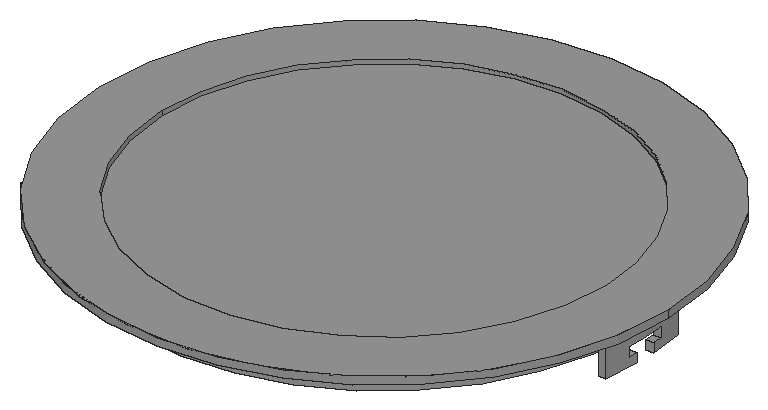
Revit family "Lilja 18W", category Lighting Fixtures, host Face, Revit 2019
Family settings
  Host = Face
  Round Connector Dimension = Use Diameter
  Part Type = Normal
  OmniClass Number = 23.80.70.11.11
  OmniClass Title = General Luminaries, Non Directional
  Cut with Voids When Loaded = No
  Light Source = Yes
  Shared = No
  Room Calculation Point = No
Parameters (values of type "Lilja 18W, Warm White, 230V - 02WP996L018R")
  Wattage Comments = "18W"
  Wattage = 18 W
  built-in parameter 1150110 = 1 (stored number, unit not read)
  Voltage = 230 V
  URL = "www.winled.fi"
  Type Image = Lilja 18W.png
  built-in parameter 1114217 = 1 (stored number, unit not read)
  Tilt Angle = -90.00°
  built-in parameter 1150109 = 1 (stored number, unit not read)
  built-in parameter 1150134 = (empty or 0)
  built-in parameter 1150113 = 1 (stored number, unit not read)
  Product Number = "02WP996L018R"
  Position Number = ""
  Photometric Web File = "Lilja 18W LV.ies"
  Operating Temperature Range = "-20° to +40°C"
  Model = "Lilja 18W"
  Manufacturer = "Winled Oy Ltd"
  built-in parameter 1150105 = 98.434 (stored number, unit not read)
  Lumens = 1236.96 lm
  built-in parameter 1150115 = 1 (stored number, unit not read)
  Lumens Output = "1237lm"
  built-in parameter 1150137 = (empty or 0)
  built-in parameter 1150139 = (empty or 0)
  Lifetime L70 = "50000h"
  Last Updated = "25.2.2016"
  built-in parameter 1150112 = 1 (stored number, unit not read)
  built-in parameter 1150114 = 1 (stored number, unit not read)
  Lamp = "LED"
  built-in parameter 1150132 = (empty or 0)
  built-in parameter 1150102 = (empty or 0)
  built-in parameter 1150107 = 3000 (stored number, unit not read)
  built-in parameter 1150138 = (empty or 0)
  built-in parameter 1150106 = 0.98434 (stored number, unit not read)
  IP Code = "IP44"
  Housing Material = "Aluminium"
  built-in parameter 1150104 = 6.3843 (stored number, unit not read)
  Driver = "Separate"
  Directivity = "No"
  Dimming Lamp Color Temperature Shift = <None>
  Dimmable = "Yes"
  Dimensions = "224mm x 20mm"
  Description = "Downlight"
  Depth = "30mm"
  Default Elevation = 1219.2 mm
  Cutout = "208mm"
  Color Temperature = "3000K"
  Color Filter = 16777215
  Casing Color = "White"
  CRI = "80"
  Beam Angle = "120°"
  built-in parameter 1114218 = 1 (stored number, unit not read)
  built-in parameter 1150133 = 10 (stored number, unit not read)
Types (5, lengths in mm): name | Voltage | built-in parameter 1150134 | Product Number | Photometric Web File | built-in parameter 1150105 | Lumens | Lumens Output | built-in parameter 1150107 | built-in parameter 1150106 | built-in parameter 1150104 | Color Temperature
  (no name) | 230 V | (empty or 0) | "02WP996L018R" | "Lilja 18W LV.ies" | 98.434 (stored number, unit not read) | 1236.96 lm | "1237lm" | 3000 (stored number, unit not read) | 0.98434 (stored number, unit not read) | 6.3843 (stored number, unit not read) | "3000K"
  Lilja 18W, Neutral White, 110V - 02XWP996N018R | 110 V | 12 | "02XWP996N018R" | "Lilja 18W NV.ies" | 106.4 (stored number, unit not read) | 1337.04 lm | "1337lm" | 4000 (stored number, unit not read) | 1.064 (stored number, unit not read) | 6.9008 (stored number, unit not read) | "4000K"
  Lilja 18W, Warm White, 230V - 02WP996L018R | 230 V | (empty or 0) | "02WP996L018R" | "Lilja 18W LV.ies" | 98.434 (stored number, unit not read) | 1236.96 lm | "1237lm" | 3000 (stored number, unit not read) | 0.98434 (stored number, unit not read) | 6.3843 (stored number, unit not read) | "3000K"
  Lilja 18W, Neutral White, 230V - 02WP996N018R | 230 V | 12 | "02WP996N018R" | "Lilja 18W NV.ies" | 106.4 (stored number, unit not read) | 1337.04 lm | "1337lm" | 4000 (stored number, unit not read) | 1.064 (stored number, unit not read) | 6.9008 (stored number, unit not read) | "4000K"
  Lilja 18W, Warm White, 110V - 02XWP996L018R | 110 V | (empty or 0) | "02XWP996L018R" | "Lilja 18W LV.ies" | 98.434 (stored number, unit not read) | 1236.96 lm | "1237lm" | 3000 (stored number, unit not read) | 0.98434 (stored number, unit not read) | 6.3843 (stored number, unit not read) | "3000K"
Reference planes
  plane 1 "Center (Front/Back)": y = 0
  plane 2: z = 0
  plane 3 "Center (Left/Right)": x = 0
Forms (mm)
  Extrusion 1, void
    sketch origin (0, 0, 0) x (1, 0, 0) y (0, 1, 0)
      loop
        circle (0, 0) r 104
    from 0 to -30
Lines and regions (mm)
  symbolic lines
    curve 1: circle (0, 0, 0) r 112 normal (0, 0, 1)
    curve 2: line (-79.196, -79.196, 0) -> (79.196, 79.196, 0)
    curve 3: line (-79.196, 79.196, 0) -> (79.196, -79.196, 0)
Dimensions and locks
  aligned and locked: plane 2 to host face
  aligned and locked: level to host face
Nested families
  nested 1: "Lilja 18W pohja" at (0, 0, 0), type "Lilja 18W pohja"
Connectors
  electrical at (0, 0, -8.8), driven by "Voltage"
    settings: on nested 1, index 1, voltage 230 V, apparent load 0 VA, apparent load phase1 18 VA, apparent load phase2 0 VA, apparent load phase3 0 VA, power factor 1, load classification "Lighting", number of poles 1, system type 31, power factor state 1, is connector primary yes, connector utility no, sub classification motor no, connector description ""
Definition of nested family "Lilja 18W pohja"
  Reference planes
    plane 1 "Center (Front/Back)": y = 0
    plane 2: z = 0
    plane 3 "Center (Left/Right)": x = 0
  Forms (mm)
    Extrusion 1, solid
      sketch origin (0, 0, 0) x (1, 0, 0) y (0, 1, 0)
        loop
          circle (0, 0) r 112
      from 0 to 3
    Extrusion 2, solid
      sketch origin (0, 0, 0) x (1, 0, 0) y (0, 1, 0)
        loop
          circle (0, 0) r 99.9
      from 0 to -8.8
    Extrusion 3, void
      sketch origin (0, 0, 0) x (1, 0, 0) y (0, 1, 0)
        loop
          circle (0, 0) r 87.5
      from 1.3 to 3
    Extrusion 4, solid, detail levels fine
      sketch origin (0, 0, 0) x (1, 0, 0) y (0, 1, 0)
        loop
          line (-98.337, 17.6) -> (-101.337, 17.6)
          arc (-101.337, 17.6) -> (-102.854, 0) -> (-101.337, -17.6) r 102.854
          line (-101.337, -17.6) -> (-98.337, -17.6)
          arc (-98.337, -17.6) -> (-99.9, 0) -> (-98.337, 17.6) r 99.9
        loop
          arc (98.337, 17.6) -> (99.9, 0) -> (98.337, -17.6) r 99.9
          line (98.337, -17.6) -> (101.337, -17.6)
          arc (101.337, -17.6) -> (102.854, 0) -> (101.337, 17.6) r 102.854
          line (101.337, 17.6) -> (98.337, 17.6)
      from 0 to -17.3
    Extrusion 5, void
      sketch origin (0, 0, 0) x (0, 1, 0) y (0, 0, 1)
        loop
          line (-4, -17.3) -> (4, -17.3) -> (4, -13.8) -> (8, -13.8) -> (8, -9.8) -> (-8, -9.8) -> (-8, -13.8) -> (-4, -13.8) -> (-4, -17.3)
      from 103.749 to -103.547
  Cuts and joins
    Extrusion 3 cuts Extrusion 1
    Extrusion 5 cuts Extrusion 4
  Dimensions and locks
    Extrusion 5 to plane 1 "Center (Front/Back)" = 4 mm
    aligned and locked: level to plane 2
